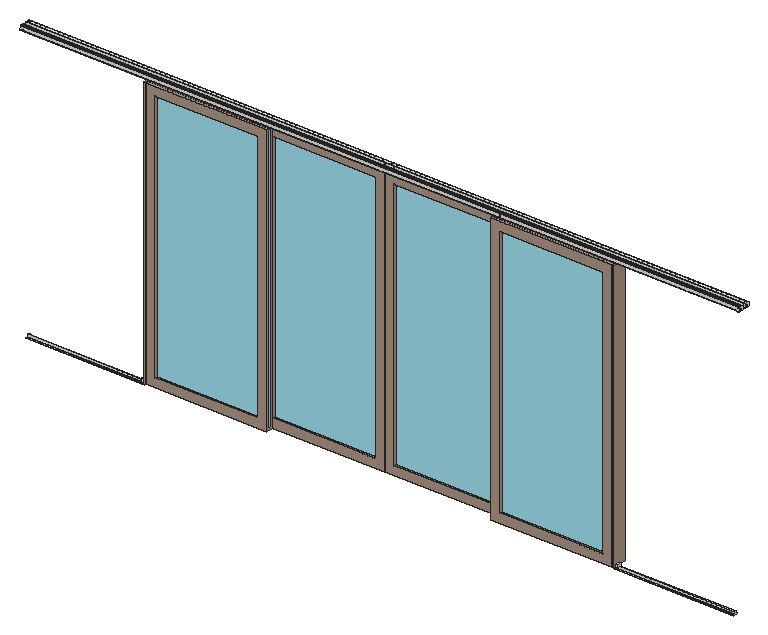
Revit family "Slido 4 Panel Pocket SPW4S XRDLP", category Doors, host Wall, Revit 2016
Family settings
  Host = Wall
  Always vertical = Yes
  Cut with Voids When Loaded = No
  Shared = No
  Room Calculation Point = No
Parameters (values of type "158"x 94 3/8"")
  URL = "www.raydoor.com"
  Type Image = SPW4.jpg
  Thickness = 2 1/4"  # constant formula
  Rough Width = 1"  # constant formula
  Rough Height = (Width / 4 + 3 1/2")  # 43"
  Model = "SPW4S"
  Function = Interior
  Door Material = Door - Panel
  Panel Material = Glass, Cast, Gray
  Height = 94 3/8"
  Trim Projection Ext = 63/64"  # constant formula
  Typ = 3"  # constant formula
  Wall Closure = By host
  Width = 158"
  Assembly Code = "SPW4S XRDLP"
Reference planes (in)
  plane 1: y = 0.00227
  plane 2: z = 0
  plane 3: x = 0
  plane 4: x = -79
  plane 5: x = 79
  plane 6: z = 94.375
  plane 7: x = 76
  plane 8: x = 77.5
  plane 9: x = 38
  plane 10: x = 39.5
  plane 11: x = 41
  plane 12: x = -77.5
  plane 13: x = -76
  plane 14: y = 0.125
  plane 15: y = -2.375
  plane 16: y = 2.375
  plane 17: y = -0.125
  plane 18: x = 122
  plane 19: x = 120
  plane 20: z = 92.375
  plane 21: x = 1.5
  plane 22: x = 3
  plane 23: x = -1.5
  plane 24: x = -3
  plane 25: x = -41
  plane 26: x = -39.5
  plane 27: x = -38
  plane 28: x = -122
  plane 29: x = -120
Forms (in)
  Extrusion 1, solid, material "Door - Panel" <- "Door Material"
    sketch origin (-58, 2.62273, 0.25) x (1, 0, 0) y (0, 0, 1)
      loop
        line (96, 92.125) -> (96, 0.375) -> (137, 0.375) -> (137, 92.125) -> (96, 92.125)
      loop
        line (99, 89.125) -> (99, 3.375) -> (134, 3.375) -> (134, 89.125) -> (99, 89.125)
    from 2.74773 to 4.99609
  Extrusion 2, solid, material "Glass, Cast, Gray" <- "Panel Material"
    sketch origin (-57.74997, -27.47932, 0.25) x (1, 0, 0) y (0, 0, 1)
      loop
        line (95.74997, 92.125) -> (95.74997, 1.25) -> (136.74998, 1.25) -> (136.74998, 92.125) -> (95.74997, 92.125)
    from -26.35104 to -26.10268
  Extrusion 3, void
    sketch origin (-58, -9.64385, -90.75) x (1, 0, 0) y (0, 0, 1)
      loop
        line (96, 92.25) -> (96, 91.375) -> (137, 91.375) -> (137, 92.25) -> (96, 92.25)
    from -8.51557 to -8.26721
  Extrusion 4, solid, material "Door - Panel" <- "Door Material"
    sketch origin (-99, 0.3721, 0.25) x (1, 0, 0) y (0, 0, 1)
      loop
        line (99, 92.125) -> (99, 0.375) -> (140, 0.375) -> (140, 92.125) -> (99, 92.125)
      loop
        line (102, 89.125) -> (102, 3.375) -> (137, 3.375) -> (137, 89.125) -> (102, 89.125)
    from -2.00126 to 0.2471
  Extrusion 5, solid, material "Glass, Cast, Gray" <- "Panel Material"
    sketch origin (-98.99995, -4.09164, 0.25) x (1, 0, 0) y (0, 0, 1)
      loop
        line (98.99995, 92.125) -> (98.99995, 1.25) -> (140, 1.25) -> (140, 92.125) -> (98.99995, 92.125)
    from -5.465 to -5.21664
  Extrusion 6, void
    sketch origin (-99, -11.89221, -90.75) x (1, 0, 0) y (0, 0, 1)
      loop
        line (99, 92.25) -> (99, 91.375) -> (140, 91.375) -> (140, 92.25) -> (99, 92.25)
    from -13.26557 to -13.01721
  Extrusion 7, solid, material "UHMW, White", detail levels medium+fine
    sketch origin (106.73033, -1.73342, 0.25) x (0, 1, 0) y (0, 0, 1)
      loop
        line (-0.04289, 93.90625) -> (-0.04289, 92.98956) -> (1.00562, 92.98956) -> (1.00562, 93.90625) -> (-0.04289, 93.90625)
    from -68.48033 to -65.98033
  Extrusion 8, solid, material "UHMW, White", detail levels medium+fine
    sketch origin (89.77771, 0.76658, 0.25) x (0, 1, 0) y (0, 0, 1)
      loop
        line (-0.04125, 93.90625) -> (-0.04125, 92.98956) -> (1.00726, 92.98956) -> (1.00726, 93.90625) -> (-0.04125, 93.90625)
    from -89.52771 to -87.02771
  Extrusion 9, solid, material "UHMW, White"
    sketch origin (0, 42.66856, -9.0893) x (0, 1, 0) y (0, 0, 1)
      loop
        line (-41.23991, 103.37055) -> (-41.23991, 103.28596) -> (-41.18064, 103.28596) -> (-41.18064, 103.37055) -> (-41.00676, 103.37055) -> (-41.00676, 103.24091) -> (-40.8724, 103.22916) -> (-40.8724, 102.36784) -> (-40.90402, 102.24985) -> (-41.12136, 102.23084) -> (-41.12136, 102.15084) -> (-40.92345, 102.15084)
        arc (-40.92345, 102.15084) -> (-40.88156, 102.17182) -> (-40.83967, 102.15084) r 0.0523
        arc (-40.83967, 102.15084) -> (-40.81252, 102.16209) -> (-40.80127, 102.18925) r 0.0384
        line (-40.80127, 102.18925) -> (-40.80127, 103.34523) -> (-40.84079, 103.34523)
        arc (-40.84079, 103.34523) -> (-40.90599, 103.30759) -> (-40.90599, 103.38288) r 0.04347
        line (-40.90599, 103.38288) -> (-40.90599, 103.4643) -> (-41.9295, 103.4643) -> (-41.9295, 103.38288)
        arc (-41.9295, 103.38288) -> (-41.9295, 103.30759) -> (-41.9947, 103.34523) r 0.04347
        line (-41.9947, 103.34523) -> (-42.03422, 103.34523) -> (-42.03422, 102.18925)
        arc (-42.03422, 102.18925) -> (-42.02297, 102.16209) -> (-41.99581, 102.15084) r 0.0384
        arc (-41.99581, 102.15084) -> (-41.95393, 102.17182) -> (-41.91204, 102.15084) r 0.0523
        line (-41.91204, 102.15084) -> (-41.71412, 102.15084) -> (-41.71412, 102.23084) -> (-41.93147, 102.24985) -> (-41.96309, 102.36784) -> (-41.96309, 103.22916) -> (-41.82873, 103.24091) -> (-41.82873, 103.37055) -> (-41.65485, 103.37055) -> (-41.65485, 103.28596) -> (-41.59557, 103.28596) -> (-41.59557, 103.37055) -> (-41.23991, 103.37055)
    from -122 to 122
  Extrusion 10, solid, material "UHMW, White"
    sketch origin (-41.44048, 1.76257, 94.375) x (0, -1, 0) y (1, 0, 0)
      loop
        circle (3.01213, 80.94048) r 0.125
    from -2 to -0.09375
  Extrusion 11, solid, material "UHMW, White"
    sketch origin (0, 40.4202, -9.0893) x (0, 1, 0) y (0, 0, 1)
      loop
        line (-41.49257, 103.37055) -> (-41.49257, 103.28596) -> (-41.43329, 103.28596) -> (-41.43329, 103.37055) -> (-41.25941, 103.37055) -> (-41.25941, 103.24091) -> (-41.12505, 103.22916) -> (-41.12505, 102.36784) -> (-41.15667, 102.24985) -> (-41.37401, 102.23084) -> (-41.37401, 102.15084) -> (-41.1761, 102.15084)
        arc (-41.1761, 102.15084) -> (-41.13421, 102.17182) -> (-41.09232, 102.15084) r 0.0523
        arc (-41.09232, 102.15084) -> (-41.06517, 102.16209) -> (-41.05392, 102.18925) r 0.0384
        line (-41.05392, 102.18925) -> (-41.05392, 103.34523) -> (-41.09344, 103.34523)
        arc (-41.09344, 103.34523) -> (-41.15864, 103.30759) -> (-41.15864, 103.38288) r 0.04347
        line (-41.15864, 103.38288) -> (-41.15864, 103.4643) -> (-42.18215, 103.4643) -> (-42.18215, 103.38288)
        arc (-42.18215, 103.38288) -> (-42.18215, 103.30759) -> (-42.24735, 103.34523) r 0.04347
        line (-42.24735, 103.34523) -> (-42.28687, 103.34523) -> (-42.28687, 102.18925)
        arc (-42.28687, 102.18925) -> (-42.27562, 102.16209) -> (-42.24846, 102.15084) r 0.0384
        arc (-42.24846, 102.15084) -> (-42.20658, 102.17182) -> (-42.16469, 102.15084) r 0.0523
        line (-42.16469, 102.15084) -> (-41.96678, 102.15084) -> (-41.96678, 102.23084) -> (-42.18412, 102.24985) -> (-42.21574, 102.36784) -> (-42.21574, 103.22916) -> (-42.08138, 103.24091) -> (-42.08138, 103.37055) -> (-41.9075, 103.37055) -> (-41.9075, 103.28596) -> (-41.84822, 103.28596) -> (-41.84822, 103.37055) -> (-41.49257, 103.37055)
    from -122 to 122
  Extrusion 12, solid, material "UHMW, White"
    sketch origin (-92.86615, -11.05929, 94.375) x (0, -1, 0) y (1, 0, 0)
      loop
        circle (-12.31011, 94.36615) r 0.125
    from -2 to 0
  Extrusion 13, void
    sketch origin (-99, -5.58383, 0.25) x (1, 0, 0) y (0, 0, 1)
      loop
        line (178, -0.25) -> (221, -0.25) -> (221, 94.125) -> (178, 94.125) -> (178, -0.25)
    from -8.33609 to -2.83609
  Extrusion 14, void
    sketch origin (-195.25, -5.58383, 0.25) x (1, 0, 0) y (0, 0, 1)
      loop
        line (116.25, -0.25) -> (274.25, -0.25) -> (274.25, 94.125) -> (116.25, 94.125) -> (116.25, -0.25)
    from -8.83609 to -2.33609
  Extrusion 15, solid, material "UHMW, White", detail levels medium+fine
    sketch origin (128.77771, -1.73342, 0.25) x (0, 1, 0) y (0, 0, 1)
      loop
        line (1.16764, -0.25) -> (1.16764, -0.0625) -> (0.60514, -0.0625) -> (0.60514, 0.75) -> (0.41764, 0.75) -> (0.41764, -0.0625) -> (-0.14486, -0.0625) -> (-0.14486, -0.25) -> (1.16764, -0.25)
    from -49.0277 to -8.7777
  Extrusion 16, solid, material "Door - Panel" <- "Door Material"
    sketch origin (0, 0, 0) x (1, 0, 0) y (0, 1, 0)
      loop
        line (79, -2.375) -> (79.75, -2.375) -> (79.75, 2.375) -> (79, 2.375) -> (79, -2.375)
    from 0.625 to 92.375
  Extrusion 17, solid, material "UHMW, White", detail levels medium+fine
    sketch origin (129.52771, -1.73342, 0.25) x (0, 1, 0) y (0, 0, 1)
      loop
        line (1.16764, 1.375) -> (-0.14486, 1.375) -> (-0.14486, 0.375) -> (0.41764, 0.375) -> (0.41764, 0.875) -> (0.60514, 0.875) -> (0.60514, 0.375) -> (1.16764, 0.375) -> (1.16764, 1.375)
    from -49.7777 to -48.7777
  Extrusion 18, solid, material "Door - Panel" <- "Door Material"
    sketch origin (-124.25, 0.3721, 0.25) x (1, 0, 0) y (0, 0, 1)
      loop
        line (83.25, 92.125) -> (83.25, 0.375) -> (124.25, 0.375) -> (124.25, 92.125) -> (83.25, 92.125)
      loop
        line (86.25, 89.125) -> (86.25, 3.375) -> (121.25, 3.375) -> (121.25, 89.125) -> (86.25, 89.125)
    from -2.0029 to 0.2471
  Extrusion 19, solid, material "Glass, Cast, Gray" <- "Panel Material"
    sketch origin (-124.24995, -4.09164, 0.25) x (1, 0, 0) y (0, 0, 1)
      loop
        line (83.24995, 92.125) -> (83.24995, 1.25) -> (124.24995, 1.25) -> (124.24995, 92.125) -> (83.24995, 92.125)
    from -5.46664 to -5.21828
  Extrusion 20, void
    sketch origin (-124.25, -11.89221, -90.75) x (1, 0, 0) y (0, 0, 1)
      loop
        line (83.25, 92.25) -> (83.25, 91.375) -> (124.25, 91.375) -> (124.25, 92.25) -> (83.25, 92.25)
    from -13.26557 to -13.01721
  Extrusion 21, solid, material "UHMW, White", detail levels medium+fine
    sketch origin (86.77771, 0.76658, 0.25) x (0, 1, 0) y (0, 0, 1)
      loop
        line (-0.04125, 93.90625) -> (-0.04125, 92.98956) -> (1.00726, 92.98956) -> (1.00726, 93.90625) -> (-0.04125, 93.90625)
    from -89.52771 to -87.02771
  Extrusion 22, solid, material "Door - Panel" <- "Door Material"
    sketch origin (58, 2.62273, 0.25) x (-1, 0, 0) y (0, 0, -1)
      loop
        line (96, -92.125) -> (137, -92.125) -> (137, -0.375) -> (96, -0.375) -> (96, -92.125)
      loop
        line (99, -89.125) -> (134, -89.125) -> (134, -3.375) -> (99, -3.375) -> (99, -89.125)
    from 2.74773 to 4.99609
  Extrusion 23, solid, material "Glass, Cast, Gray" <- "Panel Material"
    sketch origin (57.74998, -27.47932, 0.25) x (-1, 0, 0) y (0, 0, -1)
      loop
        line (95.74997, -92.125) -> (136.74998, -92.125) -> (136.74998, -1.25) -> (95.74997, -1.25) -> (95.74997, -92.125)
    from -26.35104 to -26.10268
  Extrusion 24, void
    sketch origin (58, -9.64385, -90.75) x (-1, 0, 0) y (0, 0, -1)
      loop
        line (96, -92.125) -> (137, -92.125) -> (137, -91.375) -> (96, -91.375) -> (96, -92.125)
    from -8.51557 to -8.26721
  Extrusion 25, solid, material "UHMW, White", detail levels medium+fine
    sketch origin (-106.73033, -1.73342, 0.25) x (0, 1, 0) y (0, 0, -1)
      loop
        line (-0.04289, -93.90625) -> (1.00562, -93.90625) -> (1.00562, -92.98956) -> (-0.04289, -92.98956) -> (-0.04289, -93.90625)
    from -68.48033 to -65.98033
  Extrusion 26, solid, material "UHMW, White"
    sketch origin (41.44048, 1.76257, 94.375) x (0, -1, 0) y (1, 0, 0)
      loop
        circle (3.01213, -80.94048) r 0.125
    from -2 to -0.09375
  Extrusion 27, solid, material "UHMW, White", detail levels medium+fine
    sketch origin (-128.7777, -1.73342, 0.25) x (0, 1, 0) y (0, 0, -1)
      loop
        line (1.16764, 0.25) -> (-0.14486, 0.25) -> (-0.14486, 0.0625) -> (0.41764, 0.0625) -> (0.41764, -0.75) -> (0.60514, -0.75) -> (0.60514, 0.0625) -> (1.16764, 0.0625) -> (1.16764, 0.25)
    from -49.0277 to -8.7777
  Extrusion 28, solid, material "Door - Panel" <- "Door Material"
    sketch origin (0, 0, 0) x (-1, 0, 0) y (0, -1, 0)
      loop
        line (79, 2.375) -> (79, -2.375) -> (79.75, -2.375) -> (79.75, 2.375) -> (79, 2.375)
    from 0.625 to 92.375
  Extrusion 29, solid, material "UHMW, White", detail levels medium+fine
    sketch origin (-129.5277, -1.73342, 0.25) x (0, 1, 0) y (0, 0, -1)
      loop
        line (1.16764, -1.375) -> (1.16764, -0.375) -> (0.60514, -0.375) -> (0.60514, -0.75) -> (0.41764, -0.75) -> (0.41764, -0.375) -> (-0.14486, -0.375) -> (-0.14486, -1.375) -> (1.16764, -1.375)
    from -49.7777 to -48.7777
  Extrusion 30, void
    sketch origin (99, -5.58383, 0.25) x (-1, 0, 0) y (0, 0, -1)
      loop
        line (178, 0.25) -> (178, -94.125) -> (221, -94.125) -> (221, 0.25) -> (178, 0.25)
    from -8.33609 to -2.83609
  Extrusion 31, solid, material "UHMW, White"
    sketch origin (92.86616, -11.05929, 94.375) x (0, -1, 0) y (1, 0, 0)
      loop
        circle (-12.31011, -94.36615) r 0.125
    from -2 to 0
Cuts and joins
  Extrusion 3, Extrusion 24, Extrusion 30 cuts Extrusion 1
  Extrusion 3, Extrusion 24, Extrusion 30 cuts Extrusion 2
  Extrusion 6, Extrusion 20 cuts Extrusion 4
  Extrusion 6, Extrusion 20 cuts Extrusion 5
  Extrusion 20 cuts Extrusion 18
  Extrusion 20 cuts Extrusion 19
  Extrusion 24, Extrusion 30 cuts Extrusion 15
  Extrusion 24, Extrusion 30 cuts Extrusion 16
  Extrusion 24 cuts Extrusion 22
  Extrusion 24 cuts Extrusion 23
  Extrusion 24 cuts Extrusion 27
  Extrusion 24 cuts Extrusion 28
  Extrusion 30 cuts Extrusion 17
Lines and regions (in)
  Masking region 1
    outline origin (-7.24693, 27.04592, 0) x (1, 0, 0) y (0, 1, 0)
      loop
        line (127.99693, -29.42092) -> (127.99693, -28.9242) -> (128.99693, -28.9242) -> (128.99693, -27.6117) -> (127.99693, -27.6117) -> (127.99693, -24.67092) -> (127.24693, -24.67092) -> (127.24693, -27.17092) -> (86.24693, -27.17092) -> (86.24693, -29.42092) -> (127.99693, -29.42092)
  Masking region 2
    outline origin (-7.24693, 29.28975, 0) x (1, 0, 0) y (0, 1, 0)
      loop
        line (127.24693, -29.16475) -> (127.24693, -26.91475) -> (86.24693, -26.91475) -> (86.24693, -29.16475) -> (127.24693, -29.16475)
  Masking region 3
    outline origin (7.24693, 29.28975, 0) x (0, 1, 0) y (-1, 0, 0)
      loop
        line (-29.16475, 86.24693) -> (-26.91475, 86.24693) -> (-26.91475, 127.24693) -> (-29.16475, 127.24693) -> (-29.16475, 86.24693)
  Masking region 4
    outline origin (7.24693, 27.04592, 0) x (0, 1, 0) y (-1, 0, 0)
      loop
        line (-29.42092, 127.99693) -> (-29.42092, 86.24693) -> (-27.17092, 86.24693) -> (-27.17092, 127.24693) -> (-24.67092, 127.24693) -> (-24.67092, 127.99693) -> (-27.6117, 127.99693) -> (-27.6117, 128.99693) -> (-28.9242, 128.99693) -> (-28.9242, 127.99693) -> (-29.42092, 127.99693)
  symbolic lines, style "Elevation Swing"
    curve 1: line (29.5, 0, 37.98833) -> (49.5, 0, 37.98833)
    curve 2: line (49.5, 0, 32.79755) -> (29.5, 0, 32.79755)
    curve 3: line (29.5, 0, 37.98833) -> (34.69615, 0, 40.98833)
    curve 4: line (44.30385, 0, 29.79755) -> (49.5, 0, 32.79755)
    curve 17: line (-29.5, 0, 37.98833) -> (-49.5, 0, 37.98833)
    curve 18: line (-49.5, 0, 32.79755) -> (-29.5, 0, 32.79755)
    curve 19: line (-29.5, 0, 37.98833) -> (-34.69615, 0, 40.98833)
    curve 20: line (-44.30385, 0, 29.79755) -> (-49.5, 0, 32.79755)
  symbolic lines, style "Plan Swing"
    curve 5: line (12.5, -14.80138, 0) -> (28.5, -14.80138, 0)
    curve 6: line (28.5, -14.80138, 0) -> (24.16987, -12.30138, 0)
    curve 7: line (12.5, -16.32036, 0) -> (28.5, -16.32036, 0)
    curve 8: line (16.83013, -18.82036, 0) -> (12.5, -16.32036, 0)
    curve 13: line (-12.5, -14.80138, 0) -> (-28.5, -14.80138, 0)
    curve 14: line (-28.5, -14.80138, 0) -> (-24.16987, -12.30138, 0)
    curve 15: line (-12.5, -16.32036, 0) -> (-28.5, -16.32036, 0)
    curve 16: line (-16.83013, -18.82036, 0) -> (-12.5, -16.32036, 0)
  model lines
    curve 9: line (-79, 3.25227, 0) -> (79, 3.25227, 0)
    curve 12: line (-104.25, 3.25227, 0) -> (35.29738, 3.25227, 0)
    curve 21: line (79, 3.25227, 0) -> (-79, 3.25227, 0)
    curve 24: line (79, -3.24773, 0) -> (-79, -3.24773, 0)
  symbolic lines, style "Plan Swing", detail levels medium+fine
    curve 10: line (120.75, -2.375, 0) -> (120.75, 2.375, 0)
    curve 11: line (120, -2.375, 0) -> (120, 2.375, 0)
    curve 22: line (-120.75, -2.375, 0) -> (-120.75, 2.375, 0)
    curve 23: line (-120, -2.375, 0) -> (-120, 2.375, 0)
Dimensions and locks (in)
  equal spacing: plane 4, plane 3, plane 5
  "Width": plane 4 to plane 5
  "Height": plane 6 to plane 2
  equal spacing: plane 7, plane 8, plane 5, locked at 1.5 each
  "Typ": plane 7 to plane 5
  equal spacing: plane 9, plane 10, plane 11, locked at 1.5 each
  "Typ": plane 9 to plane 11
  equal spacing: plane 21, plane 10, plane 8
  "Typ": Extrusion 1 sketch curve to Extrusion 1 sketch curve  (x2)
  locked: Extrusion 2 to Extrusion 2 at 0.24836
  locked: Extrusion 2 sketch curve to Extrusion 1 at 0.875
  locked: Extrusion 3 to Extrusion 3 at 0.24836
  "Typ": Extrusion 4 sketch curve to Extrusion 4 sketch curve  (x2)
  locked: Extrusion 5 to Extrusion 5 at 0.24836
  locked: Extrusion 4 to Extrusion 5 at 1
  locked: Extrusion 5 sketch curve to Extrusion 4 at 0.875
  locked: Extrusion 6 to Extrusion 6 at 0.24836
  plane 14 to plane 17 = 1/4"  (x2)
  "Typ": plane 4 to plane 13
  "Thickness": plane 16 to plane 14
  "Thickness": plane 17 to plane 15
  equal spacing: plane 4, plane 12, plane 13, locked at 1.5 each
  locked: Extrusion 7 to Extrusion 7 at 2.5
  locked: Extrusion 8 to Extrusion 8 at 2.5
  locked: cut or joined group of Extrusion 2, Extrusion 3, Extrusion 24, Extrusion 30 to plane 15 at 0.99836
  locked: plane 16 to Extrusion 12 sketch curve at 1.24918
  locked: Extrusion 10 sketch curve to plane 15 at 1.00044
  "Rough Height": plane 5 to plane 18
  equal spacing: Extrusion 13, plane 1, Extrusion 13, locked at 2.75 each
  locked: plane 19 to plane 18 at 2
  locked: Extrusion 10 sketch curve to plane 11 at 1.375
  locked: plane 3 to Extrusion 12 sketch curve at 1.625
  Extrusion 15 sketch curve to Extrusion 15 sketch curve = 3/16"
  locked: Extrusion 15 sketch curve to Extrusion 15 sketch curve at 0.5625  (x2)
  locked: Extrusion 15 sketch curve to Extrusion 15 sketch curve at 0.1875
  locked: plane 5 to Extrusion 16 sketch curve at 0.75
  locked: Extrusion 17 sketch curve to Extrusion 17 sketch curve at 1
  locked: Extrusion 17 sketch curve to Extrusion 17 sketch curve at 0.5625  (x2)
  locked: Extrusion 17 sketch curve to Extrusion 17 sketch curve at 0.1875
  locked: Extrusion 16 to Extrusion 17 at 1
  plane 19 to Masking region 1 sketch curve = 3/4"
  locked: plane 19 to Masking region 1 sketch curve at 1.75
  plane 6 to plane 20 = 2"
  equal spacing: plane 3, plane 21, plane 22, locked at 1.5 each
  "Typ": plane 3 to plane 22
  locked: plane 9 to Extrusion 7 at 0.25
  equal spacing: plane 3, plane 23, plane 24, locked at 1.5 each
  "Typ": plane 3 to plane 24
  "Typ": Extrusion 18 sketch curve to Extrusion 18 sketch curve  (x2)
  locked: Extrusion 19 to Extrusion 19 at 0.24836
  locked: Extrusion 18 to Extrusion 19 at 1
  locked: Extrusion 19 sketch curve to Extrusion 18 at 0.875
  locked: Extrusion 20 to Extrusion 20 at 0.24836
  equal spacing: plane 25, plane 26, plane 27, locked at 1.5 each
  "Typ": plane 25 to plane 27
  equal spacing: plane 12, plane 26, plane 23
  locked: Extrusion 8 to plane 22 at 0.25
  locked: Extrusion 21 to Extrusion 21 at 2.5
  locked: Extrusion 21 to plane 24 at 0.25
  "Typ": Extrusion 22 sketch curve to Extrusion 22 sketch curve  (x2)
  locked: Extrusion 23 to Extrusion 23 at 0.24836
  locked: Extrusion 22 to Extrusion 23 sketch curve at 0.875
  locked: Extrusion 24 to Extrusion 24 at 0.24836
  locked: Extrusion 25 to Extrusion 25 at 2.5
  "Rough Height": plane 4 to plane 28
  locked: plane 29 to plane 28 at 2
  Extrusion 27 sketch curve to Extrusion 27 sketch curve = 3/16"
  locked: Extrusion 27 sketch curve to Extrusion 27 sketch curve at 0.5625  (x2)
  locked: Extrusion 27 sketch curve to Extrusion 27 sketch curve at 0.1875
  locked: Extrusion 29 sketch curve to Extrusion 29 sketch curve at 1
  locked: Extrusion 29 sketch curve to Extrusion 29 sketch curve at 0.5625  (x2)
  locked: Extrusion 29 sketch curve to Extrusion 29 sketch curve at 0.1875
  locked: Extrusion 28 to Extrusion 29 at 1
  Extrusion 30 to plane 1 to Extrusion 30 = 2 3/4", 2 3/4"
  locked: plane 24 to Extrusion 31 sketch curve at 1.375
  locked: plane 16 to Extrusion 31 sketch curve at 1.24918
  locked: plane 25 to Extrusion 26 sketch curve at 1.625
  locked: Extrusion 26 sketch curve to plane 15 at 1.00044
  locked: cut or joined group of Extrusion 24, Extrusion 28 to plane 4 at 0.75
  locked: plane 25 to Extrusion 25 at 0.25
  plane 20 to plane 6 = 2"
  plane 16 to plane 14 = 2 1/4"
  plane 17 to plane 15 = 2 1/4"
  Extrusion 11 to plane 6 = 1.31346"
  Extrusion 9 to Extrusion 9 = 1.23295"
  Extrusion 11 to Extrusion 11 = 1.23295"
  plane 16 to plane 15 = 4 3/4"
  cut or joined group of Extrusion 24, Extrusion 28 to level = 5/8"
  diameter of Extrusion 10 sketch curve = 1/4"
  diameter of Extrusion 12 sketch curve = 1/4"
  diameter of Extrusion 26 sketch curve = 1/4"
  diameter of Extrusion 31 sketch curve = 1/4"
  aligned and locked: plane 5 to curve 9
  aligned and locked: Extrusion 1 to Extrusion 2
  aligned and locked: Extrusion 1 to Extrusion 3  (x2)
  aligned and locked: Extrusion 4 to Extrusion 5
  aligned and locked: Extrusion 4 to Extrusion 6  (x2)
  aligned and locked: plane 16 to Masking region 2
  aligned and locked: Masking region 2 to plane 14
  aligned and locked: Extrusion 10 to Extrusion 9
  aligned and locked: plane 17 to Masking region 1
  aligned and locked: Masking region 1 to plane 15
  aligned and locked: Extrusion 13 sketch curve to plane 6
  aligned and locked: Extrusion 13 to plane 18
  aligned and locked: plane 4 to Extrusion 14
  aligned and locked: host wall to Extrusion 14  (x2)
  aligned and locked: Extrusion 14 to plane 5
  aligned and locked: plane 5 to Extrusion 13
  aligned and locked: Extrusion 14 to level
  aligned and locked: Extrusion 13 sketch curve to level
  aligned and locked: plane 5 to Masking region 1
  aligned and locked: plane 5 to Masking region 2
  aligned and locked: Masking region 2 to plane 19
  aligned and locked: plane 9 to cut or joined group of Extrusion 4, Extrusion 6, Extrusion 20
  aligned and locked: plane 9 to cut or joined group of Extrusion 1, Extrusion 3, Extrusion 24, Extrusion 30
  aligned and locked: plane 9 to cut or joined group of Extrusion 2, Extrusion 3, Extrusion 24, Extrusion 30
  aligned and locked: Extrusion 11 to plane 18
  aligned and locked: Extrusion 9 to plane 18
  aligned and locked: Extrusion 15 sketch curve to Extrusion 15 sketch curve
  aligned and locked: Extrusion 15 to plane 19
  aligned and locked: cut or joined group of Extrusion 2, Extrusion 3, Extrusion 24, Extrusion 30 to Extrusion 15
  aligned and locked: plane 5 to Extrusion 16 sketch curve
  aligned and locked: Extrusion 16 sketch curve to plane 15
  aligned and locked: plane 16 to Extrusion 16 sketch curve
  aligned and locked: cut or joined group of Extrusion 1, Extrusion 3, Extrusion 24, Extrusion 30 to Extrusion 16
  aligned and locked: Extrusion 16 to cut or joined group of Extrusion 1, Extrusion 3, Extrusion 24, Extrusion 30
  aligned and locked: Extrusion 17 to Extrusion 16
  aligned and locked: plane 19 to Masking region 1 sketch curve
  aligned and locked: Masking region 1 sketch curve to Masking region 2
  aligned and locked: Extrusion 17 to Masking region 1 sketch curve
  aligned and locked: Masking region 1 sketch curve to Masking region 1 sketch curve
  aligned and locked: Masking region 1 sketch curve to Extrusion 17
  aligned and locked: Extrusion 17 sketch curve to cut or joined group of Extrusion 1, Extrusion 3, Extrusion 24, Extrusion 30  (x2)
  aligned and locked: cut or joined group of Extrusion 4, Extrusion 6, Extrusion 20 to plane 20
  aligned and locked: cut or joined group of Extrusion 1, Extrusion 3, Extrusion 24, Extrusion 30 to plane 20
  aligned and locked: cut or joined group of Extrusion 4, Extrusion 6, Extrusion 20 to plane 3
  aligned and locked: cut or joined group of Extrusion 5, Extrusion 6, Extrusion 20 to plane 3
  aligned and locked: cut or joined group of Extrusion 4, Extrusion 6, Extrusion 20 to plane 22
  aligned and locked: Extrusion 18 to Extrusion 19
  aligned and locked: Extrusion 18 to Extrusion 20  (x2)
  aligned and locked: plane 16 to cut or joined group of Extrusion 18, Extrusion 20
  aligned and locked: cut or joined group of Extrusion 18, Extrusion 20 to plane 14
  aligned and locked: plane 3 to cut or joined group of Extrusion 18, Extrusion 20
  aligned and locked: plane 3 to cut or joined group of Extrusion 19, Extrusion 20
  aligned and locked: cut or joined group of Extrusion 18, Extrusion 20 to plane 24
  aligned and locked: cut or joined group of Extrusion 18, Extrusion 20 to plane 27
  aligned and locked: plane 25 to cut or joined group of Extrusion 19, Extrusion 20
  aligned and locked: plane 25 to cut or joined group of Extrusion 18, Extrusion 20
  aligned and locked: Extrusion 23 to Extrusion 22
  aligned and locked: Extrusion 24 to Extrusion 22  (x2)
  aligned and locked: Extrusion 27 sketch curve to Extrusion 27 sketch curve
  aligned and locked: plane 29 to Extrusion 27
  aligned and locked: Extrusion 28 to Extrusion 29
  aligned and locked: Masking region 4 sketch curve to Masking region 4 sketch curve
  aligned and locked: plane 3 to Extrusion 20
  aligned and locked: cut or joined group of Extrusion 24, Extrusion 28 to plane 20
  aligned and locked: Extrusion 11 to plane 28
  aligned and locked: Extrusion 9 to plane 28
  aligned and locked: cut or joined group of Extrusion 15, Extrusion 24, Extrusion 30 to cut or joined group of Extrusion 16, Extrusion 24, Extrusion 30
  aligned and locked: cut or joined group of Extrusion 24, Extrusion 27 to cut or joined group of Extrusion 24, Extrusion 28
  aligned and locked: plane 20 to Extrusion 31
  aligned and locked: plane 20 to Extrusion 12
  aligned and locked: plane 20 to Extrusion 26
  aligned and locked: plane 20 to Extrusion 10
  aligned and locked: cut or joined group of Extrusion 24, Extrusion 28 to cut or joined group of Extrusion 22, Extrusion 24
  aligned and locked: cut or joined group of Extrusion 18, Extrusion 20 to cut or joined group of Extrusion 24, Extrusion 28
  aligned and locked: cut or joined group of Extrusion 24, Extrusion 28 to cut or joined group of Extrusion 4, Extrusion 6, Extrusion 20
  aligned and locked: cut or joined group of Extrusion 24, Extrusion 28 to cut or joined group of Extrusion 1, Extrusion 3, Extrusion 24, Extrusion 30
  aligned and locked: cut or joined group of Extrusion 24, Extrusion 28 to Extrusion 29
Automatic sketch dimensions
  curve 19 to plane 27 = 8 1/2"
  level to curve 19 = 37.98833"
  plane 9 to curve 3 = 8 1/2"
  level to curve 3 = 37.98833"
  plane 25 to curve 20 = 8 1/2"
  curve 17 to curve 20 = 5.19077"
  curve 1 to curve 2 = 5.19077"
  curve 2 to plane 11 = 8 1/2"
  plane 9 to curve 3 = 3.30385"
  curve 3 to curve 1 = 3"
  curve 19 to plane 27 = 3.30385"
  curve 19 to curve 17 = 3"
  plane 25 to curve 20 = 3.30385"
  curve 18 to curve 20 = 3"
  curve 4 to plane 11 = 3.30385"
  curve 2 to curve 4 = 3"
  curve 17 to curve 18 = 0"  (x2)
  curve 1 to curve 2 = 0"  (x2)
  curve 22 to plane 16 = 0"
  curve 22 to plane 15 = 0"
  curve 23 to plane 15 = 0"
  curve 23 to plane 29 = 0"
  curve 11 to plane 15 = 0"
  curve 11 to plane 19 = 0"
  curve 10 to plane 16 = 0"
  curve 10 to plane 15 = 0"
  curve 11 to plane 16 = 0"
  curve 23 to plane 16 = 0"
  curve 14 to plane 27 = 9 1/2"
  curve 16 to plane 24 = 9 1/2"
  curve 7 to plane 22 = 9 1/2"
  plane 9 to curve 6 = 9 1/2"
  host wall to curve 13 = 11.55364"
  host wall to curve 6 = 11.55364"
  curve 8 to curve 5 = 1.51898"
  curve 15 to curve 13 = 1.51898"
  curve 22 to curve 23 = 3/4"
  curve 15 to curve 13 = 0"
  curve 13 to curve 14 = 4.33013"
  curve 16 to curve 15 = 4.33013"
  curve 13 to curve 15 = 0"
  curve 5 to curve 7 = 0"
  curve 7 to curve 8 = 4.33013"
  curve 6 to curve 5 = 4.33013"
  curve 7 to curve 5 = 0"
  curve 11 to curve 10 = 3/4"
  curve 5 to curve 6 = 2 1/2"
  curve 13 to curve 14 = 2 1/2"
  curve 8 to curve 7 = 2 1/2"
  curve 16 to curve 15 = 2 1/2"
  curve 21 to level = 0"
  plane 5 to curve 21 = 0"
  curve 12 to level = 0"
  plane 4 to curve 21 = 0"
  curve 9 to level = 0"
  plane 4 to curve 9 = 0"
  plane 9 to curve 12 = 2.70262"
  plane 29 to curve 12 = 15 3/4"
  Masking region 1 sketch curve to plane 5 = 0"
  Masking region 1 sketch curve to plane 15 = 0"
  Masking region 1 sketch curve to plane 17 = 0"
  Masking region 2 sketch curve to plane 5 = 0"
  Masking region 2 sketch curve to plane 16 = 0"
  Masking region 2 sketch curve to plane 19 = 0"
  Masking region 2 sketch curve to plane 14 = 0"
  plane 9 to Extrusion 1 sketch curve = 0"
  plane 7 to Extrusion 1 sketch curve = 0"
  plane 5 to Extrusion 1 sketch curve = 0"
  Extrusion 1 sketch curve to plane 20 = 0"
  plane 11 to Extrusion 1 sketch curve = 0"
  level to Extrusion 1 sketch curve = 3 5/8"
  plane 9 to Extrusion 2 sketch curve = 0"
  Extrusion 2 sketch curve to plane 20 = 0"
  Extrusion 2 sketch curve to plane 5 = 0"
  plane 9 to Extrusion 3 sketch curve = 0"
  plane 5 to Extrusion 3 sketch curve = 0"
  level to Extrusion 3 sketch curve = 5/8"
  Extrusion 3 sketch curve to Extrusion 3 sketch curve = 7/8"
  Extrusion 4 sketch curve to plane 3 = 0"
  plane 22 to Extrusion 4 sketch curve = 0"
  plane 9 to Extrusion 4 sketch curve = 0"
  Extrusion 4 sketch curve to plane 20 = 0"
  Extrusion 4 sketch curve to plane 11 = 0"
  level to Extrusion 4 sketch curve = 3 5/8"
  Extrusion 5 sketch curve to plane 3 = 0"
  Extrusion 5 sketch curve to plane 20 = 0"
  Extrusion 5 sketch curve to plane 11 = 0.00005"
  Extrusion 6 sketch curve to plane 3 = 0"
  plane 11 to Extrusion 6 sketch curve = 0"
  level to Extrusion 6 sketch curve = 5/8"
  Extrusion 6 sketch curve to Extrusion 6 sketch curve = 7/8"
  plane 15 to Extrusion 7 sketch curve = 0.59869"
  Extrusion 7 sketch curve to plane 17 = 0.6028"
  Extrusion 7 sketch curve to plane 20 = 0.86456"
  plane 6 to Extrusion 7 sketch curve = 7/32"
  plane 14 to Extrusion 8 sketch curve = 0.60033"
  Extrusion 8 sketch curve to plane 16 = 0.60116"
  Extrusion 8 sketch curve to plane 20 = 0.86456"
  plane 6 to Extrusion 8 sketch curve = 7/32"
  plane 6 to Extrusion 9 sketch curve = 0"
  plane 6 to Extrusion 9 sketch curve = 0.11907"  (x2)
  plane 14 to Extrusion 9 sketch curve = 0.50935"
  Extrusion 9 sketch curve to Extrusion 9 sketch curve = 0.0384"  (x2)
  Extrusion 9 sketch curve to Extrusion 9 sketch curve = 0.03952"
  Extrusion 9 sketch curve to Extrusion 9 sketch curve = 0.03273"
  Extrusion 9 sketch curve to Extrusion 9 sketch curve = 0.04189"  (x4)
  Extrusion 9 sketch curve to Extrusion 9 sketch curve = 0.04347"  (x2)
  Extrusion 9 sketch curve to Extrusion 9 sketch curve = 0.06434"
  Extrusion 9 sketch curve to Extrusion 9 sketch curve = 0.02173"  (x2)
  Extrusion 9 sketch curve to Extrusion 9 sketch curve = 0.13436"
  Extrusion 9 sketch curve to Extrusion 9 sketch curve = 0.19792"  (x2)
  Extrusion 9 sketch curve to Extrusion 9 sketch curve = 0.17388"  (x2)
  Extrusion 9 sketch curve to Extrusion 9 sketch curve = 0.05928"  (x2)
  plane 6 to Extrusion 9 sketch curve = 3/32"  (x2)
  Extrusion 9 sketch curve to Extrusion 9 sketch curve = 0.35566"
  Extrusion 9 sketch curve to Extrusion 9 sketch curve = 0.59276"
  plane 6 to Extrusion 9 sketch curve = 0.22339"
  Extrusion 9 sketch curve to Extrusion 9 sketch curve = 0.10077"
  Extrusion 9 sketch curve to Extrusion 9 sketch curve = 0.01943"
  Extrusion 9 sketch curve to Extrusion 9 sketch curve = 0.03161"
  Extrusion 9 sketch curve to Extrusion 9 sketch curve = 0.11608"
  Extrusion 9 sketch curve to Extrusion 9 sketch curve = 0.01175"  (x2)
  Extrusion 9 sketch curve to Extrusion 9 sketch curve = 0.86132"  (x2)
  Extrusion 9 sketch curve to Extrusion 9 sketch curve = 0.11799"  (x2)
  Extrusion 9 sketch curve to Extrusion 9 sketch curve = 0.01902"  (x2)
  Extrusion 9 sketch curve to Extrusion 9 sketch curve = 0.06061"  (x2)
  Extrusion 9 sketch curve to Extrusion 9 sketch curve = 0.03133"  (x2)
  Extrusion 9 sketch curve to Extrusion 9 sketch curve = 0.0846"  (x2)
  Extrusion 9 sketch curve to Extrusion 9 sketch curve = 0"
  plane 6 to Extrusion 11 sketch curve = 0"
  plane 6 to Extrusion 11 sketch curve = 0.11907"  (x2)
  plane 15 to Extrusion 11 sketch curve = 0.50834"
  Extrusion 11 sketch curve to Extrusion 11 sketch curve = 0.0384"  (x2)
  Extrusion 11 sketch curve to Extrusion 11 sketch curve = 0.03952"
  Extrusion 11 sketch curve to Extrusion 11 sketch curve = 0.03273"
  Extrusion 11 sketch curve to Extrusion 11 sketch curve = 0.04189"  (x4)
  Extrusion 11 sketch curve to Extrusion 11 sketch curve = 0.04347"  (x2)
  Extrusion 11 sketch curve to Extrusion 11 sketch curve = 0.06434"
  Extrusion 11 sketch curve to Extrusion 11 sketch curve = 0.02173"  (x2)
  Extrusion 11 sketch curve to Extrusion 11 sketch curve = 0.13436"
  Extrusion 11 sketch curve to Extrusion 11 sketch curve = 0.19792"  (x2)
  Extrusion 11 sketch curve to Extrusion 11 sketch curve = 0.17388"  (x2)
  Extrusion 11 sketch curve to Extrusion 11 sketch curve = 0.05928"  (x2)
  plane 6 to Extrusion 11 sketch curve = 3/32"  (x2)
  Extrusion 11 sketch curve to Extrusion 11 sketch curve = 0.35566"
  Extrusion 11 sketch curve to Extrusion 11 sketch curve = 0.59276"
  plane 6 to Extrusion 11 sketch curve = 0.22339"
  Extrusion 11 sketch curve to Extrusion 11 sketch curve = 0.10077"
  Extrusion 11 sketch curve to Extrusion 11 sketch curve = 0.01943"
  Extrusion 11 sketch curve to Extrusion 11 sketch curve = 0.03161"
  Extrusion 11 sketch curve to Extrusion 11 sketch curve = 0.11608"
  Extrusion 11 sketch curve to Extrusion 11 sketch curve = 0.01175"  (x2)
  Extrusion 11 sketch curve to Extrusion 11 sketch curve = 0.86132"  (x2)
  Extrusion 11 sketch curve to Extrusion 11 sketch curve = 0.11799"  (x2)
  Extrusion 11 sketch curve to Extrusion 11 sketch curve = 0.01902"  (x2)
  Extrusion 11 sketch curve to Extrusion 11 sketch curve = 0.06061"  (x2)
  Extrusion 11 sketch curve to Extrusion 11 sketch curve = 0.03133"  (x2)
  Extrusion 11 sketch curve to Extrusion 11 sketch curve = 0.0846"  (x2)
  Extrusion 11 sketch curve to Extrusion 11 sketch curve = 0"
  plane 5 to Extrusion 13 sketch curve = 0"
  plane 18 to Extrusion 13 sketch curve = 0"
  plane 4 to Extrusion 14 sketch curve = 0"
  plane 5 to Extrusion 14 sketch curve = 0"
  Extrusion 14 sketch curve to level = 0"
  Extrusion 14 sketch curve to plane 6 = 0"
  curve 24 to level = 0"
  plane 5 to curve 24 = 0"
  plane 4 to curve 24 = 0"
  Extrusion 15 sketch curve to level = 0"
  plane 15 to Extrusion 15 sketch curve = 0.49672"
  Extrusion 15 sketch curve to Extrusion 15 sketch curve = 13/16"
  plane 15 to Extrusion 17 sketch curve = 0.49672"
  Extrusion 17 sketch curve to Extrusion 17 sketch curve = 1/2"
  plane 25 to Extrusion 18 sketch curve = 0"
  plane 27 to Extrusion 18 sketch curve = 0"
  Extrusion 18 sketch curve to plane 24 = 0"
  Extrusion 18 sketch curve to plane 3 = 0"
  Extrusion 18 sketch curve to plane 20 = 0"
  level to Extrusion 18 sketch curve = 3 5/8"
  plane 25 to Extrusion 19 sketch curve = 0"
  Extrusion 19 sketch curve to plane 3 = 0"
  Extrusion 19 sketch curve to plane 20 = 0"
  plane 25 to Extrusion 20 sketch curve = 0"
  Extrusion 20 sketch curve to plane 3 = 0"
  level to Extrusion 20 sketch curve = 5/8"
  Extrusion 20 sketch curve to Extrusion 20 sketch curve = 7/8"
  plane 14 to Extrusion 21 sketch curve = 0.60033"
  Extrusion 21 sketch curve to plane 16 = 0.60116"
  Extrusion 21 sketch curve to plane 20 = 0.86456"
  plane 6 to Extrusion 21 sketch curve = 7/32"
  Masking region 3 sketch curve to plane 14 = 0"
  Masking region 3 sketch curve to plane 16 = 0"
  Masking region 3 sketch curve to plane 4 = 0"
  Masking region 3 sketch curve to plane 29 = 0"
  plane 27 to Extrusion 22 sketch curve = 0"
  plane 13 to Extrusion 22 sketch curve = 0"
  plane 4 to Extrusion 22 sketch curve = 0"
  Extrusion 22 sketch curve to plane 20 = 0"
  Extrusion 22 sketch curve to plane 25 = 0"
  level to Extrusion 22 sketch curve = 3 5/8"
  plane 27 to Extrusion 23 sketch curve = 0"
  Extrusion 23 sketch curve to plane 20 = 0"
  plane 4 to Extrusion 23 sketch curve = 0"
  plane 27 to Extrusion 24 sketch curve = 0"
  plane 4 to Extrusion 24 sketch curve = 0"
  level to Extrusion 24 sketch curve = 1 3/8"
  level to Extrusion 24 sketch curve = 5/8"
  plane 15 to Extrusion 25 sketch curve = 0.59869"
  Extrusion 25 sketch curve to plane 17 = 0.6028"
  plane 6 to Extrusion 25 sketch curve = 7/32"
  Extrusion 25 sketch curve to plane 20 = 0.86456"
  Extrusion 27 sketch curve to level = 0"
  plane 15 to Extrusion 27 sketch curve = 0.49672"
  Extrusion 27 sketch curve to Extrusion 27 sketch curve = 13/16"
  Extrusion 28 sketch curve to plane 4 = 0"
  Extrusion 28 sketch curve to plane 16 = 0"
  Extrusion 28 sketch curve to plane 15 = 0"
  Extrusion 28 sketch curve to Extrusion 28 sketch curve = 3/4"
  plane 15 to Extrusion 29 sketch curve = 0.49672"
  level to Extrusion 29 sketch curve = 1 5/8"
  Extrusion 29 sketch curve to Extrusion 29 sketch curve = 3/8"
  Extrusion 29 sketch curve to Extrusion 29 sketch curve = 0"
  Masking region 4 sketch curve to plane 15 = 0"
  Masking region 4 sketch curve to plane 4 = 0"
  Masking region 4 sketch curve to plane 17 = 0"
  Masking region 4 sketch curve to plane 16 = 0"
  Masking region 4 sketch curve to plane 29 = 0"
  plane 15 to Masking region 4 sketch curve = 0.49672"
  Masking region 4 sketch curve to plane 17 = 0.44078"
  Masking region 4 sketch curve to Masking region 4 sketch curve = 3/4"
  plane 28 to Masking region 4 sketch curve = 1/4"
  plane 4 to Extrusion 30 sketch curve = 0"
  Extrusion 30 sketch curve to plane 6 = 0"
  Extrusion 30 sketch curve to plane 28 = 0"
  Extrusion 30 sketch curve to level = 0"
